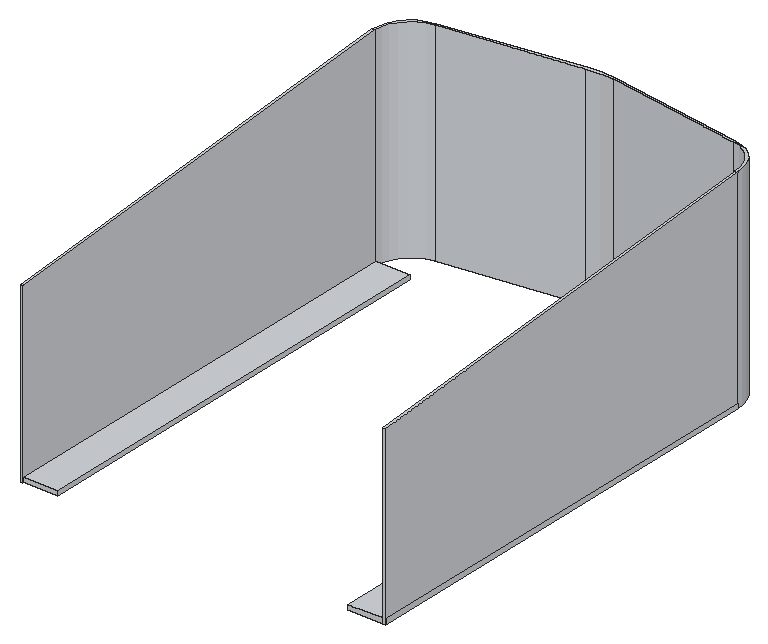
Revit family "Building-ElectricalVehicleCharging-GEWISS-JOINON-ICON_PROTECTION-COVER", category Apparecchi elettrici, host Superficie, Revit 2019
Family settings
  Host = Superficie
  Mantenere orientamento annotazione = Sì
  Quota connettore circolare = Usa diametro
  Tipo di parte = Normale
  Taglio con vuoti quando caricato = No
  Condiviso = No
  Punto di calcolo locali = Sì
Parameters (values of type "GWJ8104 - I-CON - PROTECTION COVER")
  visibilita posizionamento 2d [instance] = yes
  simbolo acceso [instance] = yes
  oggetto in pianta [instance] = not(visibilita posizionamento 2d)  # no
  distanza_simbolo [instance] = 1 mm
  distanza dal piano [instance] = 10 mm
  W = 115 mm  # constant formula
  Voltaggio = 0 V
  Version file RFA = "19.4"
  VETRO = Vetro
  URL = "https://www.gewiss.com/ww/en"
  Technical sheet = "https://www.gewiss.com/ww/en/search?q=GWJ8104"
  Suitable for = "WallBox I-CON"
  Spostamento_effettivo_S [instance] = 4000 mm - Spostamento_S  # 2500 mm
  Spostamento_S = 1500 mm
  Simbolo circuito [instance] = not(simbolo acceso)  # no
  STRUTTURA ALTA = blue
  STRUTTURA = RAL - 7035
  Realized by GEWISS S.p.A. = ""
  Default Elevation = 1219.2 mm
  Produttore = "GEWISS S.p.A."
  PRESA = Giallo
  POMELLO = bianco
  N.poli = 1
  Modello = "GWJ8104"
  L = 155 mm  # constant formula
  Immagine tipo = ICON_TETTUCCIO.jpg
  IDT = "de4cf1b2-9fd5-41ee-a883-306328bc9e16"
  IDF = "9caf37bf-1025-4629-8f26-cf455c1d0b63"
  FORMULA = 1000 mm * 1  # 1000 mm
  Electrocod = "2242"
  EAN code = "8034035071393"
  Descrizione = "I-CON - PROTECTION COVER"
  Description: = "I-CON protection cover"
  Catalogue = "E-MOBILITY"
  COBie.Tagnumber = ""
  COBie.CreatedOn = ""
  COBie.CreatebBy = ""
  COBie.ComponentRegisterItemID = ""
  COBie.Component.TagNumber = ""
  COBie.Component.Space = ""
  COBie.Component.SerialNumber = ""
  COBie.Component.InstallationDate = ""
  COBie.Component.Description = ""
  COBie.Component.BarCode = ""
  BLOCCO = "B=C"
Reference planes
  plane 1 "Centro (Fronte/Retro)": y = 0
  plane 2: z = 0
  plane 3 "Centro (Sinistra/Destra)": x = 0
  plane 4: x = -3000
  plane 5: x = -500
  plane 6: z = 10
Dimensions and locks
  plane 4 to plane 3 "Centro (Sinistra/Destra)" = 3000 mm
  "Spostamento_effettivo_S": plane 4 to plane 5
  "distanza dal piano": plane 6 to plane 2
  aligned and locked: plane 2 to host face
  aligned and locked: level to host face
Automatic sketch dimensions
  host sketch curve to host sketch curve = 2438.4 mm  (x2)
Nested families
  nested 1: "I-CON_TETTUCCIO METALLICO_BASE" at (0, 0, 0) x (0, 1, 0) z (0, 0, 1), type "I-CON_TETTUCCIO METALLICO_BASE"
Definition of nested family "I-CON_TETTUCCIO METALLICO_BASE"
  Parameters (values of type "I-CON_TETTUCCIO METALLICO_BASE")
    POTENZA IN WOLT = 0 V
    N_POLI = 1
    CENTRALE = none
  Reference planes
    plane 1 "Centro (Fronte/Retro)": y = 0
    plane 2: z = 0
    plane 3 "Centro (Sinistra/Destra)": x = 0
    plane 4 "EEE": through (4267.2, -291.041, 143.375) normal (0, -0.788, -0.6157)
    plane 5: y = 303
    plane 6: y = 301
    plane 7: y = 2
    plane 8: y = 271.981
    plane 9: y = 31
    plane 10: z = 4
  Forms (mm)
    Extrusion 1, solid
      sketch origin (-0.053, 151.323, 0) x (0.000352, -1, 0) y (1, 0.000352, 0)
        loop
          line (-151.677, 0) -> (-149.677, 0) -> (-149.677, 365.411)
          arc (-149.677, 365.411) -> (-142.318, 385.093) -> (-123.852, 395.119) r 30
          line (-123.852, 395.119) -> (-11.409, 410.922)
          arc (-11.409, 410.922) -> (-0.123, 411.711) -> (11.163, 410.922) r 81.094
          line (11.163, 410.922) -> (123.498, 395.134)
          arc (123.498, 395.134) -> (141.964, 385.108) -> (149.323, 365.426) r 30
          line (149.323, 365.426) -> (149.323, 0) -> (151.323, 0) -> (151.323, 365.426)
          arc (151.323, 365.426) -> (143.474, 386.42) -> (123.776, 397.115) r 32
          line (123.776, 397.115) -> (11.442, 412.902)
          arc (11.442, 412.902) -> (-0.123, 413.711) -> (-11.687, 412.902) r 83.094
          line (-11.687, 412.902) -> (-124.131, 397.099)
          arc (-124.131, 397.099) -> (-143.828, 386.405) -> (-151.677, 365.411) r 32
          line (-151.677, 365.411) -> (-151.677, 0)
      from 0 to 199.707
    Extrusion 2, void
      sketch origin (0, 0, 0) x (1, 0, 0) y (0, 0, 1)
        loop
          line (-0.107, 199.707) -> (-0.107, 145.817) -> (365.012, 175.792) -> (413.658, 175.792) -> (413.658, 199.707) -> (-0.107, 199.707)
      from -351.6 to 23.636
    Extrusion 3, solid
      sketch origin (0, 0, 0) x (1, 0, 0) y (0, 1, 0)
        loop
          line (0, 271.981) -> (365.434, 271.981) -> (365.434, 301) -> (0, 301) -> (0, 271.981)
        loop
          line (0, 31) -> (0, 0) -> (365.446, 0) -> (365.446, 31) -> (0, 31)
      from 0 to 4
  Cuts and joins
    Extrusion 2 cuts Extrusion 1
  Dimensions and locks
    locked: plane 1 "Centro (Fronte/Retro)" to plane 7 at 2
    plane 5 to plane 6 = 2 mm
    locked: plane 10 to level at 4
    aligned and locked: level to plane 2
    aligned and locked: Extrusion 3 sketch curve to plane 8
    aligned and locked: Extrusion 3 sketch curve to plane 6
    aligned and locked: Extrusion 3 sketch curve to plane 3 "Centro (Sinistra/Destra)"
    aligned and locked: Extrusion 3 sketch curve to plane 9
    aligned and locked: Extrusion 3 sketch curve to plane 1 "Centro (Fronte/Retro)"
    aligned and locked: plane 10 to Extrusion 3
